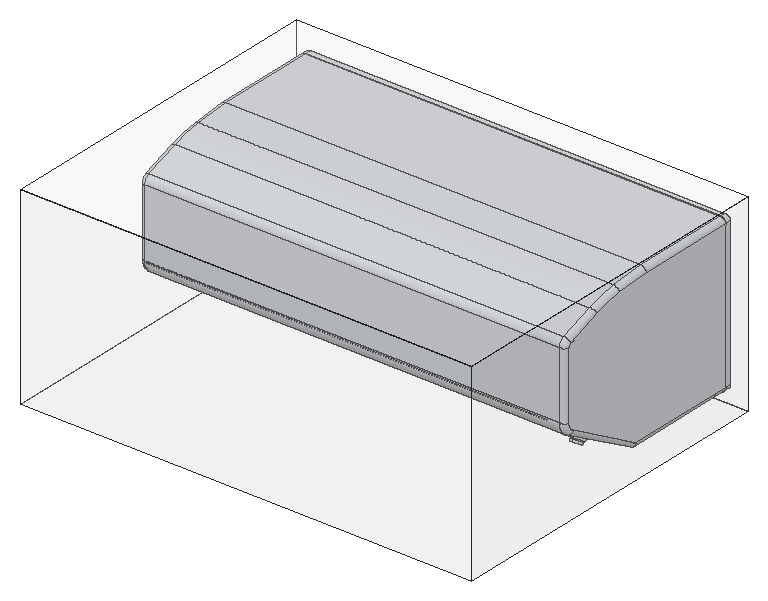
Revit family "msz-zxv22_9026_60hz", category 機械設備, Revit 2023
Family settings
  丸型コネクタ寸法 = 直径を使用
  種別 = なし
  パーツ タイプ = 標準
  OmniClass 番号 = 23.75.10.24.21.27.27
  OmniClass タイトル = Split System Air Conditioning Units
  作業面ベース = いいえ
  常に垂直 = はい
  ロード時にボイドで切り取り = いいえ
  注釈の向きを維持 = いいえ
  共有 = いいえ
  部屋計算ポイント = はい
Parameters (values of type "壁掛_MSZ-ZXV2226-W-IN")
  運転音(静冷房)  db = 34
  運転音(静暖房)  db = 39
  運転音(強暖房)  db = 59
  運転音(強冷房)  db = 58
  運転音(弱暖房)  db = 45
  運転音(弱冷房)  db = 45
  運転音(中暖房)  db = 50
  運転音(中冷房)  db = 50
  風量 = MAX風量  # 710 m³/h
  音響パワーレベル(dB) = if([運転音(強冷房)  db] > [運転音(強暖房)  db], [運転音(強冷房)  db], [運転音(強暖房)  db])  # 59
  電源種別 = ""
  電圧_電気ヒーター = 0 V
  電圧 = 100 V
  電動機出力_送風機 = 28 W
  運転質量 = 0.00 kg
  連動 = ""
  質量 = if(製品質量 > 運転質量, 製品質量, 運転質量) * 1.2  # 19.20 kg
  負荷分類 = 1_熱源類
  説明 = "ルームエアコン(霧ヶ峰) ZXVシリーズ 室内ユニット"
  設計暖房能力 [instance] = 0 kW
  設計冷房能力_顕熱 [instance] = 0 kW
  設計冷房能力 [instance] = 0 kW
  設置方法 = "壁掛 (露出)形"
  記号 [instance] = ""
  製造元 = "三菱電機株式会社"
  製品質量 = 16.00 kg
  製品出荷対象 = "国内"
  製品リリース年月 = ""
  製品グループ = ""
  系統 [instance] = ""
  符号 = "PAC"
  積算_科目 = "1 空気調和設備"
  積算_拾い区分 [instance] = ""
  相_電気ヒーター = 1
  相 = 1
  盤記号 [instance] = ""
  発停方法 = "付属スイッチ"
  特殊仕様 [instance] = ""
  火災停止 = ""
  消費電力_電気ヒーター = 0 W
  消費電力_暖房 = 465 W
  消費電力_冷房 = 425 W
  消費電力 = if(消費電力_冷房 > 消費電力_暖房, 消費電力_冷房, 消費電力_暖房)  # 465 W
  法定耐用年数 = "6"
  極数 = 1
  材質 [instance] = ""
  本体マテリアル = none
  有効加湿量 = 0
  最大電流値 = 0 A
  暖房能力 = 2.5 kW
  暖房 風量 = 710 m³/h
  既定の高さ = 0 mm
  推奨ブレーカー容量 = 15 A
  台数_冷媒分岐ユニット [instance] = ""
  冷房 風量 = 635 m³/h
  冷媒管長 [instance] = 0 mm
  価格 = 0
  形式_加湿器 = ""
  形式 = "壁掛 (露出)形"
  幹線記号 = ""
  室内機 = 室内機 : MSZ-ZXV22*-W-IN
  始動方式 = "直入"
  呼称 = "パッケージ形空気調和機_室内機"
  周波数 = 60 Hz
  台数_手元リモコン = ""
  参照している仕様書等のバージョン = "公共建築工事標準仕様書（機械設備工事編）平成31年度版"
  加湿給水管径 = 0 mm
  分類コード = "50053003123070"
  分類グループ = ""
  冷房能力 = 2.2 kW
  冷媒高低圧ガス管径 = 0 mm
  冷媒管径符号 = "Ab"
  冷媒管径 = 100 mm
  冷媒液管径 = 6.35 mm
  冷媒ガス管径 = 9.52 mm
  企業コード = "108420"
  付属品 [instance] = ""
  仕様書バージョン = "Version1.0"
  モデル = "MSZ-ZXV2226-W-IN"
  ドレン管径 = 16 mm
  サービススペース = yes
  コメント [instance] = ""
  【値が 0 の項目は組合せ形名にてご確認ください】 = ""
  Width = 799 mm
  Version = ""
  Uniclass2015Version = "Systems v1.9"
  Uniclass2015Title = "Split coil remote air cooled condensing units"
  Uniclass2015Code = "Pr_70_65_03_84"
  URL = "https://www.mitsubishielectric.co.jp/ldg/wink/"
  S寸法 = 0 mm
  SpecificationReference = ""
  SpecificationDescription = ""
  Revision = ""
  ProductInformation = ""
  OmniClassCode = "23-33 17 13 11"
  MAX風量 = if(冷房 風量 > 暖房 風量, 冷房 風量, 暖房 風量)  # 710 m³/h
  IfcTypeProduct = ""
  IfcProduct = ""
  IfcExportType = "AIRCONDITIONINGUNIT"
  IfcExportAs = "IfcUnitaryEquipmentType"
  Height = 295 mm
  Depth = 389 mm
  Clearance Top = 39 mm
  Clearance Right = 30 mm
  Clearance Left = 20 mm
  Clearance Front = 256 mm
  Clearance Bottom = 28 mm
  Clearance Back = 0 mm
  COP = 0
  Author = "三菱電機株式会社"
  APF = 0
Types (12, lengths in mm): name | 運転音(静冷房)  db | 運転音(静暖房)  db | 運転音(強暖房)  db | 運転音(強冷房)  db | 運転音(弱暖房)  db | 運転音(弱冷房)  db | 運転音(中暖房)  db | 運転音(中冷房)  db | 風量 | 音響パワーレベル(dB) | 電圧 | 電動機出力_送風機 | 質量 | 製品質量 | 消費電力_暖房 | 消費電力_冷房 | 消費電力 | 暖房能力 | 暖房 風量 | 推奨ブレーカー容量 | 冷房 風量 | 室内機 | 冷房能力 | 冷媒管径符号 | 冷媒ガス管径 | モデル | MAX風量
  壁掛_MSZ-ZXV2226-W-IN | 34 | 39 | 59 | 58 | 45 | 45 | 50 | 50 | 710 m³/h | 59 | 100 V | 28 W | 19.20 kg | 16.00 kg | 465 W | 425 W | 465 W | 2.5 kW | 710 m³/h | 15 A | 635 m³/h | 室内機 : MSZ-ZXV22*-W-IN | 2.2 kW | "Ab" | 9.52 | "MSZ-ZXV2226-W-IN" | 710 m³/h
  壁掛_MSZ-ZXV2526-W-IN | 34 | 39 | 59 | 60 | 45 | 46 | 50 | 51 | 730 m³/h | 60 | 100 V | 28 W | 19.20 kg | 16.00 kg | 525 W | 500 W | 525 W | 2.8 kW | 730 m³/h | 15 A | 635 m³/h | 室内機 : MSZ-ZXV25*-W-IN | 2.5 kW | "Ab" | 9.52 | "MSZ-ZXV2526-W-IN" | 730 m³/h
  壁掛_MSZ-ZXV2826S-W-IN | 34 | 39 | 65 | 62 | 46 | 48 | 52 | 53 | 785 m³/h | 65 | 200 V | 46 W | 19.20 kg | 16.00 kg | 710 W | 580 W | 710 W | 3.6 kW | 785 m³/h | 15 A | 655 m³/h | 室内機 : MSZ-ZXV28*-W-IN | 2.8 kW | "Ab" | 9.52 | "MSZ-ZXV2826S-W-IN" | 785 m³/h
  壁掛_MSZ-ZXV2826-W-IN | 34 | 39 | 65 | 62 | 46 | 48 | 52 | 53 | 785 m³/h | 65 | 100 V | 28 W | 19.20 kg | 16.00 kg | 710 W | 580 W | 710 W | 3.6 kW | 785 m³/h | 20 A | 655 m³/h | 室内機 : MSZ-ZXV28*-W-IN | 2.8 kW | "Ab" | 9.52 | "MSZ-ZXV2826-W-IN" | 785 m³/h
  壁掛_MSZ-ZXV3626-W-IN | 36 | 42 | 65 | 63 | 48 | 50 | 54 | 55 | 815 m³/h | 65 | 100 V | 28 W | 20.40 kg | 17.00 kg | 910 W | 820 W | 910 W | 4.2 kW | 815 m³/h | 20 A | 680 m³/h | 室内機 : MSZ-ZXV36*-W-IN | 3.6 kW | "Ab" | 9.52 | "MSZ-ZXV3626-W-IN" | 815 m³/h
  壁掛_MSZ-ZXV3626S-W-IN | 36 | 42 | 65 | 63 | 48 | 50 | 54 | 55 | 815 m³/h | 65 | 200 V | 46 W | 20.40 kg | 17.00 kg | 910 W | 820 W | 910 W | 4.2 kW | 815 m³/h | 15 A | 680 m³/h | 室内機 : MSZ-ZXV36*S-W-IN | 3.6 kW | "Ab" | 9.52 | "MSZ-ZXV3626S-W-IN" | 815 m³/h
  壁掛_MSZ-ZXV4026S-W-IN | 36 | 44 | 69 | 66 | 50 | 50 | 55 | 55 | 960 m³/h | 69 | 200 V | 46 W | 20.40 kg | 17.00 kg | 990 W | 960 W | 990 W | 5 kW | 960 m³/h | 20 A | 700 m³/h | 室内機 : MSZ-ZXV40*S-W-IN | 4 kW | "Ab" | 9.52 | "MSZ-ZXV4026S-W-IN" | 960 m³/h
  壁掛_MSZ-ZXV5626S-W-IN | 44 | 46 | 71 | 67 | 51 | 51 | 56 | 56 | 1010 m³/h | 71 | 200 V | 46 W | 20.40 kg | 17.00 kg | 1580 W | 1720 W | 1720 W | 6.7 kW | 1010 m³/h | 20 A | 830 m³/h | 室内機 : MSZ-ZXV56*S-W-IN | 5.6 kW | "Ab" | 9.52 | "MSZ-ZXV5626S-W-IN" | 1010 m³/h
  壁掛_MSZ-ZXV6326S-W-IN | 44 | 47 | 71 | 69 | 52 | 52 | 57 | 57 | 1010 m³/h | 71 | 200 V | 46 W | 21.60 kg | 18.00 kg | 1800 W | 1980 W | 1980 W | 7.1 kW | 1010 m³/h | 20 A | 870 m³/h | 室内機 : MSZ-ZXV63*S-W-IN | 6.3 kW | "Ac" | 12.7 | "MSZ-ZXV6326S-W-IN" | 1010 m³/h
  壁掛_MSZ-ZXV7126S-W-IN | 44 | 47 | 72 | 71 | 52 | 52 | 57 | 57 | 1045 m³/h | 72 | 200 V | 46 W | 22.80 kg | 19.00 kg | 2220 W | 2380 W | 2380 W | 8.5 kW | 1045 m³/h | 20 A | 860 m³/h | 室内機 : MSZ-ZXV71*S-W-IN | 7.1 kW | "Ac" | 12.7 | "MSZ-ZXV7126S-W-IN" | 1045 m³/h
  壁掛_MSZ-ZXV8026S-W-IN | 44 | 47 | 72 | 72 | 52 | 52 | 57 | 57 | 1045 m³/h | 72 | 200 V | 46 W | 22.80 kg | 19.00 kg | 2640 W | 2890 W | 2890 W | 9.5 kW | 1045 m³/h | 20 A | 860 m³/h | 室内機 : MSZ-ZXV80*S-W-IN | 8 kW | "Ac" | 12.7 | "MSZ-ZXV8026S-W-IN" | 1045 m³/h
  壁掛_MSZ-ZXV9026S-W-IN | 46 | 47 | 73 | 73 | 52 | 52 | 57 | 57 | 1085 m³/h | 73 | 200 V | 98 W | 22.80 kg | 19.00 kg | 3200 W | 3200 W | 3200 W | 10.6 kW | 1085 m³/h | 20 A | 960 m³/h | 室内機 : MSZ-ZXV90*S-W-IN | 9 kW | "Ac" | 12.7 | "MSZ-ZXV9026S-W-IN" | 1085 m³/h
Reference planes
  plane 1 "中心(正面/背面)": y = 0
  plane 2: z = 0
  plane 3 "中心(左/右)": x = 0
  plane 4: y = -650
  plane 5: x = -399.5
  plane 6: x = 399.5
  plane 7: x = 429.5
  plane 8: z = 0
  plane 9: z = 39
  plane 10: x = -419.5
  plane 11: z = -253
  plane 12: x = 332
  plane 13: z = -323
  plane 14: y = -199.5
  plane 15: y = -394
  plane 16: y = -5
  plane 17: z = -254
  plane 18: z = -295
  plane 19: y = 0
  plane 20: z = -284
  plane 21: z = -273
  plane 22: z = -385
  plane 23: x = 332
  plane 24: z = -214
Forms (mm)
  Extrusion 1, solid, detail levels fine
    sketch origin (-695, 194.999, 0) x (1, 0, 0) y (0, 0, 1)
      loop
        circle (1027, -253) r 10
    from 199.999 to 217.5
  Extrusion 2, solid, detail levels fine
    sketch origin (-695, 210.625, -30) x (1, 0, 0) y (0, 0, 1)
      loop
        circle (1027, -243) r 5
    from 215.625 to 220.625
Lines and regions (mm)
  Masking region 1, detail levels coarse+medium
    outline origin (0, 0, 0) x (1, 0, 0) y (0, 1, 0)
      loop
        line (399.5, 0) -> (-399.5, 0) -> (-399.5, -394) -> (399.5, -394) -> (399.5, 0)
Dimensions and locks
  equal spacing: plane 5, plane 3 "中心(左/右)", plane 6
  "Clearance Right": plane 6 to plane 7
  "Clearance Top": plane 9 to plane 8
  "Width": plane 5 to plane 6
  "Clearance Left": plane 10 to plane 5
  equal spacing: plane 15, plane 14, plane 16
  "Depth": plane 15 to plane 16
  "Clearance Front": plane 4 to plane 15
  nested 1 to plane 15 = 389 mm
  "Clearance Bottom": plane 18 to plane 13
  "Height": plane 8 to plane 18
  locked: plane 18 to plane 11 at 42
  locked: plane 18 to plane 17 at 41
  "Clearance Back": plane 1 "中心(正面/背面)" to plane 19
  locked: plane 20 to plane 17 at 30
  locked: plane 21 to plane 11 at 20
  plane 16 to plane 19 = 5 mm
  plane 4 to plane 19 = 650 mm
  plane 19 to plane 16 = 5 mm
  aligned and locked: plane 2 to level
  aligned and locked: plane 8 to nested 1  (x2)
  aligned and locked: nested 1 to plane 18  (x2)
  aligned and locked: level to plane 8
  aligned and locked: plane 9 to nested 2
  aligned and locked: plane 13 to nested 2
  aligned and locked: Masking region 1 sketch curve to plane 5
  aligned and locked: plane 15 to Masking region 1 sketch curve
  aligned and locked: Masking region 1 sketch curve to plane 19
  aligned and locked: plane 6 to Masking region 1 sketch curve
  aligned and locked: plane 16 to nested 1
  aligned and locked: plane 1 "中心(正面/背面)" to nested 2
  aligned and locked: plane 10 to nested 2
  aligned and locked: plane 7 to nested 2
  aligned and locked: plane 4 to nested 2
  aligned and locked: nested 1 to Extrusion 1
  aligned and locked: nested 1 to Extrusion 2
Automatic sketch dimensions
  Extrusion 1 sketch curve to plane 11 = 0 mm
  Extrusion 1 sketch curve to plane 12 = 0 mm
  Extrusion 2 sketch curve to plane 12 = 0 mm
  Extrusion 2 sketch curve to plane 21 = 0 mm
  radius of Extrusion 1 sketch curve = 10 mm
  radius of Extrusion 2 sketch curve = 5 mm
Nested families
  nested 1: "室内機" at (0, 0, -295), type <- "室内機", type "MSZ-ZXV22*-W-IN", detail levels fine
  nested 2: "サービススペース" at (5, -325, -142), visible <- "サービススペース", type "サービススペース"
    with Width 849 mm, Height 362 mm, Depth 650 mm
Connectors
  piping at (332, -5, -253), diameter 100, driven by "冷媒管径", driven by "冷媒管径符号"
    settings: on Extrusion 1, index 7, connector inside diameter 609.6 mm, connector length 0 mm, flow factor 0, pipe flow 0.0 L/s, pressure drop 0.0 Pa, fitting loss kfactor 0, connector angle 0.00°, fixture units 0, engagement length 0 mm, angle of deflection 0.00°, flow configuration 1, flow direction 1, fitting loss method 4, system type 7, joint type 0, gender type 0, connector reference index -1, connector utility 0, adjustable connector no, is connector primary yes, connector description "Ab"
  piping at (332, -5, -273), diameter 16, driven by "ドレン管径"
    settings: on Extrusion 2, index 8, connector inside diameter 609.6 mm, connector length 0 mm, flow factor 0, pipe flow 0.0 L/s, pressure drop 0.0 Pa, fitting loss kfactor 0, connector angle 0.00°, fixture units 0, engagement length 0 mm, angle of deflection 0.00°, flow configuration 1, flow direction 2, fitting loss method 4, system type 16, joint type 0, gender type 0, connector reference index -1, connector utility 0, adjustable connector no, is connector primary no, connector description ""
  electrical at (0, -5, -147.5), driven by "負荷分類", driven by "電圧", driven by "消費電力"
    settings: on nested 1, index 10, voltage 100 V, apparent load 465 VA, apparent load phase1 0 VA, apparent load phase2 0 VA, apparent load phase3 0 VA, power factor 1, load classification "1_熱源類", number of poles 1, system type 30, power factor state 1, is connector primary yes, connector utility no, sub classification motor no, connector description ""
Definition of nested family "室内機"
  Parameters (values of type "MSZ-ZXV9023S-W-IN")
    Default Elevation = 0 mm
    Width = 799 mm
    Height = 295 mm
    Depth = 394 mm
  Types (12): name
    MSZ-ZXV9023S-W-IN
    MSZ-ZXV8023S-W-IN
    MSZ-ZXV7123S-W-IN
    MSZ-ZXV6323S-W-IN
    MSZ-ZXV5623S-W-IN
    MSZ-ZXV4023S-W-IN
    MSZ-ZXV3623S-W-IN
    MSZ-ZXV3623-W-IN
    MSZ-ZXV2823S-W-IN
    MSZ-ZXV2823-W-IN
    MSZ-ZXV2523-W-IN
    MSZ-ZXV2223-W-IN
  Reference planes
    plane 1 "中心(正面/背面)": y = 0
    plane 2: z = 0
    plane 3 "中心(左/右)": x = 0
    plane 4: y = -5
    plane 5: x = 399.5
    plane 6: x = -399.5
    plane 7: y = -394
    plane 8: z = 295
    plane 9: x = 379.5
    plane 10: y = -385
    plane 11: y = -394
    plane 12: z = 42
    plane 13: z = 295
    plane 14: z = 273
    plane 15: x = 352
    plane 16: x = -352
    plane 17: x = 399
    plane 18: x = 335
    plane 19: z = 253
    plane 20: x = 225
    plane 21: x = -225
    plane 22: x = 280
    plane 23: x = 155
    plane 24: z = 263
    plane 25: z = 243
  Forms (mm)
    Extrusion 1, solid
      sketch origin (0, 4, 0) x (0, 1, 0) y (0, 0, 1)
        loop
          line (-20, 284.987) -> (-212.516, 284.987) -> (-267.726, 279.494)
          arc (-267.726, 279.494) -> (-294.837, 275.073) -> (-321.185, 267.308) r 219.987
          line (-321.185, 267.308) -> (-384.718, 244.184)
          arc (-384.718, 244.184) -> (-387.098, 242.358) -> (-388, 239.497) r 4.987
          line (-388, 239.497) -> (-388, 112.321)
          arc (-388, 112.321) -> (-385.322, 102.327) -> (-378.006, 95.011) r 19.987
          line (-378.006, 95.011) -> (-230.785, 10.013) -> (-20, 10.013) -> (-20, 284.987)
      from -399.5 to 399.5
    Sweep 2, solid
      path origin (390, 4, 0) x (0, 1, 0) y (0, 0, 1)
        loop
          line (-20, 295) -> (-208.013, 295) -> (-270.599, 288.772)
          arc (-270.599, 288.772) -> (-298.943, 284.15) -> (-326.49, 276.032) r 230
          line (-326.49, 276.032) -> (-388.143, 253.592)
          arc (-388.143, 253.592) -> (-395.3, 248.101) -> (-398.013, 239.497) r 15
          line (-398.013, 239.497) -> (-398.013, 112.321)
          arc (-398.013, 112.321) -> (-393.993, 97.321) -> (-383.013, 86.34) r 30
          line (-383.013, 86.34) -> (-233.468, 0) -> (-20, 0)
      profile origin (390, -110.006, 295) x (0, 0, -1) y (1, 0, 0)
        loop
          arc (10.013, 9.5) -> (3.113, 6.75) -> (0.013, 0) r 10
          line (0.013, 0) -> (0.013, -780)
          arc (0.013, -780) -> (3.113, -786.75) -> (10.013, -789.5) r 10
          line (10.013, -789.5) -> (10.013, 9.5)
    Extrusion 3, solid
      sketch origin (0, 0, 0) x (1, 0, 0) y (0, 0, 1)
        loop
          line (-399.5, 285) -> (-399.5, 10)
          arc (-399.5, 10) -> (-396.746, 3.108) -> (-390, 0.013) r 10
          line (-390, 0.013) -> (390, 0.013)
          arc (390, 0.013) -> (396.746, 3.108) -> (399.5, 10) r 10
          line (399.5, 10) -> (399.5, 285)
          arc (399.5, 285) -> (396.746, 291.892) -> (390, 294.987) r 10
          line (390, 294.987) -> (-390, 294.987)
          arc (-390, 294.987) -> (-396.746, 291.892) -> (-399.5, 285) r 10
      from 16 to 5
    Revolve 4, solid
      sketch origin (367, -58.632, -153.367) x (0, 0.866025, -0.5) y (0, 0.5, 0.866025)
        loop
          line (-330.479, 56.396) -> (-330.479, 42.304) -> (-323.593, 42.304) -> (-323.593, 35.722) -> (-320.593, 35.722) -> (-320.593, 40.304)
          arc (-320.593, 40.304) -> (-320.007, 41.718) -> (-318.593, 42.304) r 2
          line (-318.593, 42.304) -> (-317.593, 42.304) -> (-317.593, 56.396) -> (-330.479, 56.396)
        axis (-330.479, 35.722) -> (-330.479, 56.396)
      angle from 0 to 360
    Extrusion 5, void
      sketch origin (0, -129.013, 230.692) x (1, 0, 0) y (0, -0.866025, 0.5)
        loop
          line (-383, 2) -> (-8.5, 2) -> (-8.5, 52) -> (-383, 52) -> (-383, 2)
        loop
          line (-385, 54) -> (-385, 0) -> (385, 0) -> (385, 54) -> (-385, 54)
        loop
          line (383, 2) -> (383, 52) -> (-6.5, 52) -> (-6.5, 2) -> (383, 2)
      from 250 to 244.836
    Extrusion 6, solid
      sketch origin (0, 0, 0) x (1, 0, 0) y (0, 0, 1)
        loop
          line (-285, 0) -> (285, 0) -> (285, 70)
          arc (285, 70) -> (292.322, 87.678) -> (310, 95) r 25
          arc (310, 95) -> (327.678, 102.322) -> (335, 120) r 25
          line (335, 120) -> (335, 273) -> (295, 273) -> (295, 278)
          arc (295, 278) -> (293.536, 281.536) -> (290, 283) r 5
          line (290, 283) -> (270, 283)
          arc (270, 283) -> (266.464, 281.536) -> (265, 278) r 5
          line (265, 278) -> (265, 273) -> (119.535, 273) -> (70.033, 253) -> (24.949, 253) -> (10, 290) -> (0, 290) -> (-10, 290) -> (-24.949, 253) -> (-105.033, 253) -> (-154.535, 273) -> (-265, 273) -> (-265, 278)
          arc (-265, 278) -> (-266.464, 281.536) -> (-270, 283) r 5
          line (-270, 283) -> (-290, 283)
          arc (-290, 283) -> (-293.536, 281.536) -> (-295, 278) r 5
          line (-295, 278) -> (-295, 273) -> (-335, 273) -> (-335, 120)
          arc (-335, 120) -> (-327.678, 102.322) -> (-310, 95) r 25
          arc (-310, 95) -> (-292.322, 87.678) -> (-285, 70) r 25
          line (-285, 70) -> (-285, 0)
        loop
          line (230.5, 248.5) -> (230.5, 257.5)
          arc (230.5, 257.5) -> (225, 263) -> (219.5, 257.5) r 5.5
          line (219.5, 257.5) -> (219.5, 248.5)
          arc (219.5, 248.5) -> (225, 243) -> (230.5, 248.5) r 5.5
        loop
          arc (-220.5, 247.5) -> (-215, 253) -> (-220.5, 258.5) r 5.5
          line (-220.5, 258.5) -> (-229.5, 258.5)
          arc (-229.5, 258.5) -> (-235, 253) -> (-229.5, 247.5) r 5.5
          line (-229.5, 247.5) -> (-220.5, 247.5)
        loop
          line (-105, 10) -> (105, 10)
          arc (105, 10) -> (155, 60) -> (105, 110) r 50
          line (105, 110) -> (-105, 110)
          arc (-105, 110) -> (-155, 60) -> (-105, 10) r 50
        loop
          line (305, 243) -> (255, 243) -> (255, 188) -> (261.875, 188)
          arc (261.875, 188) -> (265.887, 200.215) -> (267.245, 213) r 60.879
          line (267.245, 213) -> (292.755, 213)
          arc (292.755, 213) -> (294.113, 200.215) -> (298.125, 188) r 60.879
          line (298.125, 188) -> (305, 188) -> (305, 243)
        loop
          line (-305, 243) -> (-305, 188) -> (-298.125, 188)
          arc (-298.125, 188) -> (-294.113, 200.215) -> (-292.755, 213) r 60.879
          line (-292.755, 213) -> (-267.245, 213)
          arc (-267.245, 213) -> (-265.887, 200.215) -> (-261.875, 188) r 60.879
          line (-261.875, 188) -> (-255, 188) -> (-255, 243) -> (-305, 243)
      from 0 to 5
  Cuts and joins
    Extrusion 5 cuts Extrusion 1
    Extrusion 5 cuts Sweep 2
    joined: Sweep 2, Revolve 4
    Extrusion 5 cuts Extrusion 3
  Lines and regions (mm)
    model lines
      curve 1: line (-349.5, -121, 294.987) -> (-349.5, -181, 294.987)
      curve 2: line (-349.5, -189.013, 294.987) -> (349.5, -189.013, 294.987)
      curve 3: line (-349.5, -131, 294.987) -> (349.5, -131, 294.987)
      curve 4: line (349.5, -121, 294.987) -> (349.5, -181, 294.987)
      curve 5: line (-249.643, -121, 294.987) -> (-249.643, -181, 294.987)
      curve 6: line (-149.786, -121, 294.987) -> (-149.786, -181, 294.987)
      curve 7: line (-49.929, -121, 294.987) -> (-49.929, -181, 294.987)
      curve 8: line (49.929, -121, 294.987) -> (49.929, -181, 294.987)
      curve 9: line (149.786, -121, 294.987) -> (149.786, -181, 294.987)
      curve 10: line (249.643, -121, 294.987) -> (249.643, -181, 294.987)
      curve 11: line (-349.5, -151, 294.987) -> (349.5, -151, 294.987)
      curve 12: line (-349.5, -179.013, 294.987) -> (349.5, -179.013, 294.987)
      curve 13: line (-349.5, -161, 294.987) -> (349.5, -161, 294.987)
      curve 14: line (-349.5, -141, 294.987) -> (349.5, -141, 294.987)
      curve 15: line (-349.5, -121, 294.987) -> (349.5, -121, 294.987)
      curve 16: line (-349.5, -46, 294.987) -> (-349.5, -106, 294.987)
      curve 17: line (-349.5, -106, 294.987) -> (349.5, -106, 294.987)
      curve 18: line (-349.5, -56, 294.987) -> (349.5, -56, 294.987)
      curve 19: line (349.5, -46, 294.987) -> (349.5, -106, 294.987)
      curve 20: line (-249.643, -46, 294.987) -> (-249.643, -106, 294.987)
      curve 21: line (-149.786, -46, 294.987) -> (-149.786, -106, 294.987)
      curve 22: line (-49.929, -46, 294.987) -> (-49.929, -106, 294.987)
      curve 23: line (49.929, -46, 294.987) -> (49.929, -106, 294.987)
      curve 24: line (149.786, -46, 294.987) -> (149.786, -106, 294.987)
      curve 25: line (249.643, -46, 294.987) -> (249.643, -106, 294.987)
      curve 26: line (-349.5, -76, 294.987) -> (349.5, -76, 294.987)
      curve 27: line (-349.5, -96, 294.987) -> (349.5, -96, 294.987)
      curve 28: line (-349.5, -86, 294.987) -> (349.5, -86, 294.987)
      curve 29: line (-349.5, -66, 294.987) -> (349.5, -66, 294.987)
      curve 30: line (-349.5, -46, 294.987) -> (349.5, -46, 294.987)
  Dimensions and locks
    equal spacing: plane 6, plane 3 "中心(左/右)", plane 5
    "Width": plane 6 to plane 5
    "Depth": plane 7 to plane 1 "中心(正面/背面)"
    "Height": plane 8 to level
    plane 6 to curve 1 = 50 mm
    locked: plane 4 to plane 1 "中心(正面/背面)" at 5
    cut or joined group of Extrusion 3, Extrusion 5 to plane 7 = 389 mm
    cut or joined group of Extrusion 3, Extrusion 5 to plane 11 = 389 mm
    plane 7 to cut or joined group of Extrusion 3, Extrusion 5 = 389 mm
    plane 13 to plane 12 = 253 mm
    plane 13 to plane 14 = 22 mm
    plane 18 to plane 17 = 64 mm
    plane 17 to plane 15 = 47 mm
    plane 19 to plane 12 = 211 mm
    plane 14 to plane 12 = 231 mm
    plane 19 to Extrusion 6 sketch curve = 65 mm
    plane 24 to plane 25 = 20 mm
    aligned and locked: level to plane 2
    aligned and locked: Extrusion 3 to Extrusion 1
    aligned and locked: cut or joined group of Extrusion 3, Extrusion 5 to plane 4
    aligned and locked: plane 4 to cut or joined group of Extrusion 3, Extrusion 5
    aligned and locked: plane 7 to cut or joined group of Sweep 2, Revolve 4, Extrusion 5
    aligned and locked: Extrusion 6 to plane 1 "中心(正面/背面)"
    aligned and locked: plane 4 to Extrusion 6
  Automatic sketch dimensions
    Extrusion 3 sketch curve to plane 6 = 0 mm
    Extrusion 3 sketch curve to plane 5 = 0 mm
    Extrusion 3 sketch curve to plane 8 = 0.013 mm
    plane 6 to Extrusion 3 sketch curve = 9.5 mm  (x2)
    level to Extrusion 3 sketch curve = 0.013 mm
    level to Extrusion 3 sketch curve = 10 mm
    Extrusion 3 sketch curve to Extrusion 3 sketch curve = 0.5 mm
    Extrusion 3 sketch curve to plane 5 = 10 mm  (x2)
    Extrusion 3 sketch curve to plane 5 = 9.5 mm  (x2)
    level to Revolve 4 sketch curve = 60.713 mm
    Revolve 4 sketch curve to plane 7 = 77.363 mm
    Revolve 4 sketch curve to Revolve 4 sketch curve = 6.886 mm
    Revolve 4 sketch curve to Revolve 4 sketch curve = 3 mm
    Revolve 4 sketch curve to Revolve 4 sketch curve = 2 mm
    Revolve 4 sketch curve to Revolve 4 sketch curve = 12.886 mm
    Revolve 4 sketch curve to Revolve 4 sketch curve = 14.091 mm
    Revolve 4 sketch curve to Revolve 4 sketch curve = 0 mm  (x2)
    Revolve 4 sketch curve to Revolve 4 sketch curve = 4.583 mm
    Revolve 4 sketch curve to Revolve 4 sketch curve = 6.134 mm
    Revolve 4 sketch curve to Revolve 4 sketch curve = 3.815 mm
    plane 6 to Extrusion 5 sketch curve = 14.5 mm
    Extrusion 5 sketch curve to Extrusion 5 sketch curve = 2 mm  (x5)
    Extrusion 5 sketch curve to plane 3 "中心(左/右)" = 8.5 mm
    plane 9 to Extrusion 5 sketch curve = 3.5 mm
    Extrusion 5 sketch curve to Extrusion 5 sketch curve = 0 mm
    Extrusion 5 sketch curve to Extrusion 5 sketch curve = 50 mm  (x2)
    curve 1 to curve 1 = 60 mm  (x2)
    Extrusion 1 sketch curve to plane 7 = 10 mm
    Extrusion 1 sketch curve to Extrusion 1 sketch curve = 3.282 mm
    Extrusion 1 sketch curve to Extrusion 1 sketch curve = 1.706 mm
    Extrusion 1 sketch curve to Extrusion 1 sketch curve = 9.994 mm  (x2)
    Extrusion 1 sketch curve to plane 8 = 27.692 mm
    Extrusion 1 sketch curve to Extrusion 1 sketch curve = 63.534 mm
    Extrusion 1 sketch curve to plane 8 = 15.506 mm
    Extrusion 1 sketch curve to Extrusion 1 sketch curve = 53.458 mm
    level to Extrusion 1 sketch curve = 60.587 mm
    level to Extrusion 1 sketch curve = 10.013 mm
    Extrusion 1 sketch curve to Extrusion 1 sketch curve = 15.16 mm
    Extrusion 1 sketch curve to plane 8 = 10.013 mm
    Extrusion 1 sketch curve to Extrusion 1 sketch curve = 55.211 mm
    plane 4 to Extrusion 1 sketch curve = 11 mm
    level to Extrusion 1 sketch curve = 95.011 mm
    Extrusion 1 sketch curve to plane 8 = 55.503 mm
    plane 7 to Sweep 2 sketch curve = 0.013 mm
    Sweep 2 sketch curve to level = 0 mm
    Sweep 2 sketch curve to plane 8 = 0 mm
    Sweep 2 sketch curve to plane 7 = 9.857 mm
    Sweep 2 sketch curve to plane 7 = 14.987 mm  (x2)
    Sweep 2 sketch curve to plane 7 = 29.987 mm
    Sweep 2 sketch curve to plane 8 = 18.968 mm
    Sweep 2 sketch curve to Sweep 2 sketch curve = 61.652 mm
    Sweep 2 sketch curve to plane 8 = 6.228 mm
    Sweep 2 sketch curve to Sweep 2 sketch curve = 55.891 mm
    level to Sweep 2 sketch curve = 59.903 mm
    Sweep 2 sketch curve to Sweep 2 sketch curve = 14.358 mm
    Sweep 2 sketch curve to Sweep 2 sketch curve = 62.587 mm
    level to Sweep 2 sketch curve = 86.34 mm
    Sweep 2 sketch curve to plane 8 = 55.503 mm
    plane 4 to Sweep 2 sketch curve = 11 mm  (x2)
    Sweep 2 sketch curve to profile plane = 0 mm
    Sweep 2 sketch curve to profile plane = 0.013 mm
    Sweep 2 sketch curve to profile plane = 10 mm  (x2)
    Sweep 2 sketch curve to profile plane = 0.5 mm
    profile plane to Sweep 2 sketch curve = 9.5 mm
    Sweep 2 sketch curve to Sweep 2 sketch curve = 779 mm
    Sweep 2 sketch curve to Sweep 2 sketch curve = 0.5 mm
    Sweep 2 to curve 30 = 30 mm
    curve 2 to Sweep 2 = 14.999 mm
    Sweep 2 to curve 2 = 40.5 mm
    curve 30 to curve 18 = 10 mm
    curve 18 to curve 29 = 10 mm
    curve 29 to curve 26 = 10 mm
    curve 26 to curve 28 = 10 mm
    curve 28 to curve 27 = 10 mm
    curve 27 to curve 15 = 25 mm
    curve 17 to curve 15 = 15 mm
    curve 17 to curve 3 = 25 mm
    curve 3 to curve 14 = 10 mm
    curve 14 to curve 11 = 10 mm
    curve 11 to curve 13 = 10 mm
    curve 12 to curve 2 = 10 mm
    Sweep 2 to curve 30 = 40.5 mm
    Sweep 2 to curve 3 = 40.5 mm
    curve 29 to curve 30 = 0 mm
    curve 11 to curve 3 = 0 mm
    curve 28 to curve 29 = 0 mm
    curve 12 to curve 2 = 0 mm
    curve 27 to curve 28 = 0 mm
    curve 13 to curve 11 = 0 mm
    curve 26 to curve 28 = 0 mm
    curve 14 to curve 3 = 0 mm
    curve 18 to curve 29 = 0 mm
    curve 15 to curve 27 = 0 mm
    curve 17 to curve 15 = 0 mm  (x2)
    Sweep 2 to curve 15 = 40.5 mm
    curve 14 to curve 17 = 0 mm
    Sweep 2 to curve 18 = 40.5 mm
    curve 13 to curve 14 = 0 mm
    curve 26 to curve 18 = 0 mm
    curve 12 to curve 13 = 0 mm
    curve 27 to curve 15 = 0 mm
    curve 11 to curve 13 = 0 mm
    curve 28 to curve 26 = 0 mm
    curve 3 to curve 17 = 0 mm
    curve 29 to curve 18 = 0 mm
    curve 2 to curve 12 = 0 mm
    curve 30 to curve 18 = 0 mm
    curve 19 to plane 9 = 30 mm
    plane 4 to curve 16 = 41 mm
    curve 4 to curve 19 = 0 mm
    curve 19 to curve 25 = 99.857 mm
    curve 10 to curve 25 = 0 mm
    plane 4 to curve 24 = 41 mm
    curve 25 to curve 24 = 99.857 mm
    curve 9 to curve 24 = 0 mm
    plane 3 "中心(左/右)" to curve 8 = 49.929 mm
    plane 3 "中心(左/右)" to curve 23 = 49.929 mm
    curve 7 to plane 3 "中心(左/右)" = 49.929 mm
    curve 22 to plane 3 "中心(左/右)" = 49.929 mm
    curve 7 to curve 6 = 99.857 mm
    curve 21 to curve 6 = 0 mm
    plane 4 to curve 20 = 41 mm
    curve 21 to curve 20 = 99.857 mm
    curve 5 to curve 20 = 0 mm
    plane 6 to curve 16 = 50 mm
    plane 6 to curve 1 = 50 mm
    plane 4 to curve 25 = 41 mm
    plane 4 to curve 21 = 41 mm
    plane 4 to curve 23 = 41 mm
    plane 4 to curve 22 = 41 mm
    plane 4 to curve 19 = 41 mm
    curve 23 to curve 23 = 60 mm
    curve 20 to curve 20 = 60 mm
    curve 24 to curve 24 = 60 mm
    curve 19 to curve 19 = 60 mm
    curve 21 to curve 21 = 60 mm
    curve 22 to curve 22 = 60 mm
    curve 16 to curve 16 = 60 mm
    curve 25 to curve 25 = 60 mm
    curve 16 to curve 1 = 15 mm
    curve 25 to curve 10 = 15 mm
    curve 20 to curve 5 = 15 mm
    curve 24 to curve 9 = 15 mm
    curve 21 to curve 6 = 15 mm
    curve 23 to curve 8 = 15 mm
    curve 22 to curve 7 = 15 mm
    curve 19 to curve 4 = 15 mm
    curve 8 to curve 8 = 60 mm
    curve 5 to curve 5 = 60 mm
    curve 9 to curve 9 = 60 mm
    curve 4 to curve 4 = 60 mm
    curve 6 to curve 6 = 60 mm
    curve 7 to curve 7 = 60 mm
    curve 10 to curve 10 = 60 mm
    Extrusion 6 sketch curve to plane 14 = 0 mm  (x4)
    Extrusion 6 sketch curve to plane 25 = 0 mm  (x2)
    Extrusion 6 sketch curve to level = 0 mm
    Extrusion 6 sketch curve to plane 19 = 0 mm  (x3)
    Extrusion 6 sketch curve to plane 3 "中心(左/右)" = 0 mm
    Extrusion 6 sketch curve to plane 20 = 0 mm
    plane 18 to Extrusion 6 sketch curve = 0 mm
    Extrusion 6 sketch curve to plane 16 = 1.635 mm
    plane 16 to Extrusion 6 sketch curve = 17 mm
    Extrusion 6 sketch curve to Extrusion 6 sketch curve = 25 mm  (x3)
    Extrusion 6 sketch curve to Extrusion 6 sketch curve = 30 mm
    Extrusion 6 sketch curve to Extrusion 6 sketch curve = 6.875 mm  (x3)
    plane 14 to Extrusion 6 sketch curve = 5 mm  (x3)
    Extrusion 6 sketch curve to Extrusion 6 sketch curve = 10 mm
    Extrusion 6 sketch curve to Extrusion 6 sketch curve = 5.37 mm  (x3)
    Extrusion 6 sketch curve to Extrusion 6 sketch curve = 5 mm  (x3)
    plane 21 to Extrusion 6 sketch curve = 60 mm
    Extrusion 6 sketch curve to Extrusion 6 sketch curve = 20 mm
    Extrusion 6 sketch curve to Extrusion 6 sketch curve = 25.51 mm
    plane 21 to Extrusion 6 sketch curve = 30 mm
    plane 21 to Extrusion 6 sketch curve = 4.5 mm
    Extrusion 6 sketch curve to plane 21 = 4.5 mm
    Extrusion 6 sketch curve to plane 21 = 18.635 mm
    Extrusion 6 sketch curve to Extrusion 6 sketch curve = 65.965 mm
    Extrusion 6 sketch curve to Extrusion 6 sketch curve = 49.502 mm
    plane 12 to Extrusion 6 sketch curve = 18 mm
    Extrusion 6 sketch curve to plane 3 "中心(左/右)" = 105 mm
    Extrusion 6 sketch curve to plane 3 "中心(左/右)" = 24.949 mm
    Extrusion 6 sketch curve to plane 3 "中心(左/右)" = 10 mm
    plane 3 "中心(左/右)" to Extrusion 6 sketch curve = 10 mm
    plane 3 "中心(左/右)" to Extrusion 6 sketch curve = 24.949 mm
    Extrusion 6 sketch curve to Extrusion 6 sketch curve = 45.084 mm
    Extrusion 6 sketch curve to plane 23 = 50 mm
    Extrusion 6 sketch curve to plane 23 = 35.465 mm
    Extrusion 6 sketch curve to plane 20 = 18.635 mm
    plane 22 to Extrusion 6 sketch curve = 25 mm
    plane 22 to Extrusion 6 sketch curve = 15 mm
    plane 22 to Extrusion 6 sketch curve = 12.755 mm
    Extrusion 6 sketch curve to plane 22 = 5 mm
    Extrusion 6 sketch curve to plane 22 = 10 mm
    Extrusion 6 sketch curve to plane 22 = 12.755 mm
    plane 18 to Extrusion 6 sketch curve = 25 mm
    plane 15 to Extrusion 6 sketch curve = 1.635 mm
    level to Extrusion 6 sketch curve = 10 mm
    plane 12 to Extrusion 6 sketch curve = 28 mm  (x2)
    Extrusion 6 sketch curve to plane 25 = 55 mm
    plane 25 to Extrusion 6 sketch curve = 4.5 mm
    Extrusion 6 sketch curve to plane 19 = 4.5 mm
    plane 19 to Extrusion 6 sketch curve = 4.5 mm
    Extrusion 6 sketch curve to plane 8 = 5 mm
    Extrusion 6 sketch curve to plane 20 = 5.5 mm
Definition of nested family "サービススペース"
  Parameters (values of type "サービススペース")
    Default Elevation = 0 mm
    Width [instance] = 500 mm
    Height [instance] = 500 mm
    Depth [instance] = 500 mm
  Reference planes
    plane 1 "中心(正面/背面)": y = 0
    plane 2: z = 0
    plane 3 "中心(左/右)": x = 0
    plane 4: y = -250
    plane 5: x = 250
    plane 6: y = 250
    plane 7: x = -250
    plane 8: z = 250
    plane 9: z = -250
  Forms (mm)
    Extrusion 1, solid
      sketch origin (-638.939, 0, 72.39) x (1, 0, 0) y (0, 1, 0)
        loop
          line (388.939, 250) -> (388.939, -250) -> (888.939, -250) -> (888.939, 250) -> (388.939, 250)
      from -322.39 to 177.61
  Lines and regions (mm)
    symbolic lines
      curve 1: line (-250, 0, 250) -> (250, 0, 250)
      curve 2: line (-250, 0, -250) -> (-250, 0, 250)
      curve 3: line (250, 0, -250) -> (-250, 0, -250)
      curve 4: line (250, 0, 250) -> (250, 0, -250)
      curve 5: line (0, -250, 250) -> (0, 250, 250)
      curve 6: line (0, -250, -250) -> (0, -250, 250)
      curve 7: line (0, 250, -250) -> (0, -250, -250)
      curve 8: line (0, 250, 250) -> (0, 250, -250)
      curve 9: line (-250, 250, 0) -> (250, 250, 0)
      curve 10: line (-250, -250, 0) -> (-250, 250, 0)
      curve 11: line (250, -250, 0) -> (-250, -250, 0)
      curve 12: line (250, 250, 0) -> (250, -250, 0)
  Dimensions and locks
    equal spacing: plane 7, plane 3 "中心(左/右)", plane 5
    equal spacing: plane 4, plane 1 "中心(正面/背面)", plane 6
    "Depth": plane 4 to plane 6
    "Width": plane 7 to plane 5
    equal spacing: plane 8, plane 2, plane 9
    "Height": plane 8 to plane 9
    aligned and locked: plane 9 to curve 3
    aligned and locked: plane 7 to curve 2
    aligned and locked: curve 4 to plane 5
    aligned and locked: plane 5 to Extrusion 1
    aligned and locked: Extrusion 1 to plane 7
    aligned and locked: Extrusion 1 to plane 9
    aligned and locked: plane 8 to Extrusion 1
    aligned and locked: plane 9 to curve 7
  Automatic sketch dimensions
    plane 4 to Extrusion 1 sketch curve = 0 mm
    Extrusion 1 sketch curve to plane 7 = 0 mm
    Extrusion 1 sketch curve to plane 5 = 0 mm
    plane 6 to Extrusion 1 sketch curve = 0 mm
    curve 2 to plane 8 = 0 mm
    plane 4 to curve 11 = 0 mm
    curve 11 to plane 7 = 0 mm
    curve 11 to plane 5 = 0 mm
    plane 6 to curve 10 = 0 mm
    curve 7 to plane 4 = 0 mm
    curve 7 to plane 6 = 0 mm
    curve 6 to plane 8 = 0 mm
